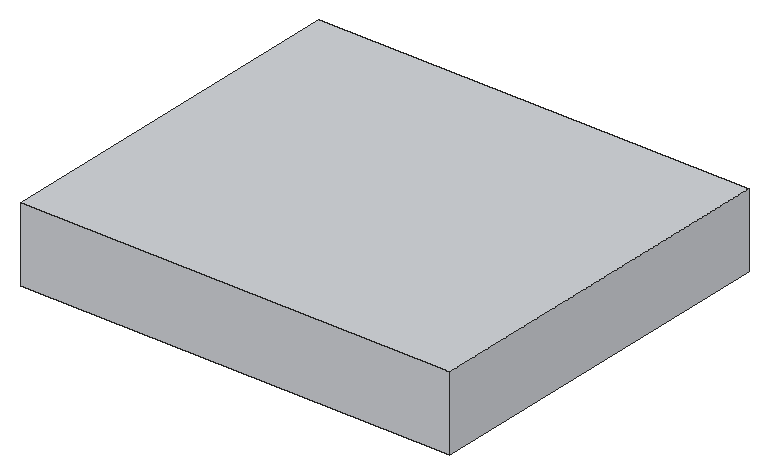
Revit family "Tets Family", category Generic Models, Revit 2020
Family settings
  Can host rebar = No
  Round Connector Dimension = Use Diameter
  Part Type = Normal
  Work Plane-Based = No
  Always vertical = Yes
  Cut with Voids When Loaded = No
  Shared = No
  Room Calculation Point = No
Parameters
  Test Length = 1257.447 mm
  Extrusion Material = none
  Default Elevation = 0 mm
Reference planes
  plane 1 "Center (Front/Back)": y = 0
  plane 2: z = 0
  plane 3 "Center (Left/Right)": x = 0
Forms (mm)
  Extrusion 1, solid, material <- "Extrusion Material"
    sketch origin (0, 0, 0) x (1, 0, 0) y (0, 1, 0)
      loop
        line (-722.098, 628.723) -> (-722.098, -628.723) -> (722.098, -628.723) -> (722.098, 628.723) -> (-722.098, 628.723)
    from 0 to 250
Dimensions and locks
  equal spacing: Extrusion 1, plane 1 "Center (Front/Back)", Extrusion 1
  equal spacing: Extrusion 1, plane 3 "Center (Left/Right)", Extrusion 1
  "Test Length": Extrusion 1 to Extrusion 1
  aligned and locked: level to plane 2
Automatic sketch dimensions
  Extrusion 1 sketch curve to plane 3 "Center (Left/Right)" = 722.098 mm
  plane 3 "Center (Left/Right)" to Extrusion 1 sketch curve = 722.098 mm
  plane 1 "Center (Front/Back)" to Extrusion 1 sketch curve = 628.723 mm
  Extrusion 1 sketch curve to plane 1 "Center (Front/Back)" = 628.723 mm
